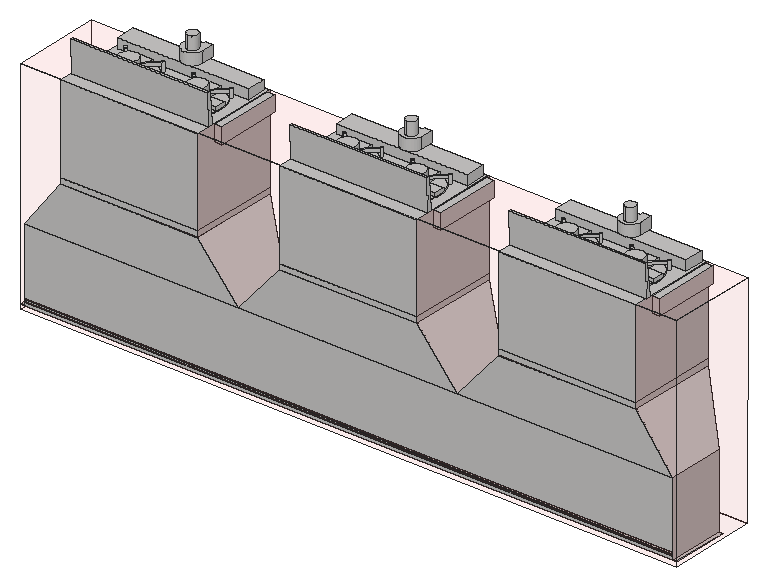
Revit family "Air-Curtain_Industrial_PoweredAire_Gas-Indirect-3Heater", category Mechanical Equipment, host Face, Revit 2025
Family settings
  Host = Face
  Round Connector Dimension = Use Diameter
  Part Type = Normal
  OmniClass Number = 23.75.35.17.21
  OmniClass Title = Air Curtains
  Cut with Voids When Loaded = No
  Maintain Annotation Orientation = No
  Shared = No
  Room Calculation Point = No
Parameters (values of type "22 ft Opening EHD 240'' Nozzle")
  topbracket [instance] = Unit Height = 1' 4 3/4"  # no
  Warranty Duration (Years) = 0
  Unit Width Notes = "Other Widths available."  # constant formula
  Unit Width = 20' - 3 3/8"
  Unit Weight = 2870
  Unit Height = 1' - 9"
  Unit Depth = 2' - 3 1/4"
  URL = "http://www.poweredaire.com/"
  Test Data = ""
  Standards Conformance = "AGA  ;  Made in USA"
  Specification = "http://www.arcat.com/sdspecs/htm04/23_34_33pai.htm"
  SpecWizard = ""
  Sound Pressure = ">71 dBA"
  Sales Information = "http://www.poweredaire.com/contact_us"
  Revision = "R1_2016-08"
  Projection from Host [instance] = 0' - 2"
  Product Properties = ""
  Product Data = "http://www.arcat.com/arcatcos/cos47/arc47623.html"
  Power Rating = 0 W
  Piping_Operating Pressure [instance] = 0.00 psi
  Pipe OD [instance] = 5/8"
  Overall Depth = 6' - 7 3/4"
  Nozzle Width = if(1 = 1, Unit Width - 0' 3", 0' 0")  # 20' - 0 3/8"
  Mounting Width = if(1 = 1, Unit Width - 0' 1 1/2", 0' 0")  # 20' - 1 7/8"
  Mounting Height [instance] = 3' - 6"
  Motor RPM = 1160
  Motor HP = 5
  Motor Count = 4
  Model = "EHD-4-240IG"
  Max Height = 22' - 0"
  Manufacturer Website = "http://www.poweredaire.com/"
  Manufacturer Phone - Toll Free = "888-321-2473"
  Manufacturer Phone = "724-588-3305"
  Manufacturer Fax = "724-588-3371"
  Manufacturer Address = "109 Mortensen Rd.  Greenville, PA 16125"
  Manufacturer = "Powered Aire, Inc"
  Maintenance Schedule (Months) = 0
  Keynote = "23 34 33"
  Installation-Fabrication = ""
  Installation Phase = ""
  Include Clearance [instance] = yes
  Heating Element Load = 0 W
  Heater Weight = 0
  Heater Hanging Width = 4' - 0 5/8"
  Heater Finish [instance] = Metal - Steel - PoweredAire - Stainless 304
  HVAC_Temperature Rise = 27 °F
  HVAC_Primary CFM = 0 CFM
  HVAC_Outlet Volume = 29100 CFM
  HVAC_Outlet Velocity Uniformity = 0.95
  HVAC_Outlet Velocity = 4400 FPM
  HVAC_Exit Temperature [instance] = 0 °F
  HVAC_BTU Output = 840000.0 Btu/h
  HVAC_BTU Input = 350000.0 Btu/h
  Green Building-LEED = "http://www.arcat.com/green/clients/leed_data_47623.html"
  Gas Connection Diameter [instance] = 0"
  Frame Finish [instance] = Metal - Steel - PoweredAire - Stainless 304
  Expected Lifespan (Years) = 0
  Exhaust Connection Diameter = 0' - 6"
  Electrical_Wattage [instance] = Power Rating + Heating Element Load  # 0 W
  Electrical_Voltage [instance] = 0 V
  Electrical_Phase [instance] = 1
  Electrical_Frequency [instance] = 0 Hz
  Electrical_Amperage [instance] = 0 A
  Drawn By = "Sumex Design, Inc. / Robert S. Weygant, CSI, CDT, SCIP"
  Description = "Powered Aire Indirect Gas Heated Industrial Air Curtain - EHD-4-240IG as Specified"
  Default Elevation = 0' - 0"  # constant formula
  Copyright = "©Arcat Inc."
  Construction Details = "http://www.arcat.com/details/powair/prod3336.html"
  Clearance_Top [instance] = 1' - 0"
  Clearance_Side B [instance] = 0' - 0"
  Clearance_Side A [instance] = 0' - 0"
  Clearance_Intake [instance] = 0' - 0"
  Clearance_Bottom [instance] = 0' - 0"
  Clearance Material [instance] = ARCAT Clearance
  Building Codes = ""
  Available Options [instance] = "as Specified"
  Assembly Code = "D3090400"
Types (5): name | Unit Width | Unit Weight | Sound Pressure | Nozzle Width | Mounting Width | Motor HP | Motor Count | Model | Max Height | HVAC_Temperature Rise | HVAC_Outlet Volume | HVAC_Outlet Velocity Uniformity | HVAC_Outlet Velocity | Description
  22 ft Opening EHD 240'' Nozzle | 20' - 3 3/8" | 2870 | ">71 dBA" | 20' - 0 3/8" | 20' - 1 7/8" | 5 | 4 | "EHD-4-240IG" | 22' - 0" | 27 °F | 29100 CFM | 0.95 | 4400 FPM | "Powered Aire Indirect Gas Heated Industrial Air Curtain - EHD-4-240IG as Specified"
  22 ft Opening EHD 228'' Nozzle | 19' - 3 3/8" | 2800 | ">71 dBA" | 19' - 0 3/8" | 19' - 1 7/8" | 5 | 4 | "EHD-4-228IG" | 22' - 0" | 27 °F | 28300 CFM | 0.94 | 4800 FPM | "Powered Aire Indirect Gas Heated Industrial Air Curtain - EHD-4-228IG as Specified"
  17 ft Opening TSD 240'' Nozzle 5 Motor | 20' - 3 1/2" | 2550 | ">69 dBA" | 20' - 0 1/2" | 20' - 2" | 3 | 5 | "TSD-5-240IG" | 17' - 0" | 34 °F | 25900 CFM | 0.951 | 3900 FPM | "Powered Aire Indirect Gas Heated Industrial Air Curtain - TSD-5-240IG as Specified"
  17 ft Opening TSD 240'' Nozzle 4 Motor | 20' - 3 3/8" | 2330 | ">69 dBA" | 20' - 0 3/8" | 20' - 1 7/8" | 3 | 4 | "TSD-4-240IG" | 17' - 0" | 38 °F | 21500 CFM | 0.863 | 3300 FPM | "Powered Aire Indirect Gas Heated Industrial Air Curtain - TSD-4-240IG as Specified"
  17 ft Opening TSD 228'' Nozzle | 19' - 3 3/8" | 2310 | ">69 dBA" | 19' - 0 3/8" | 19' - 1 7/8" | 3 | 4 | "TSD-4-228IG" | 17' - 0" | 40 °F | 20800 CFM | 0.863 | 3300 FPM | "Powered Aire Indirect Gas Heated Industrial Air Curtain - TSD-4-228IG as Specified"
Reference planes (in)
  plane 1 "Center (Elevation)": y = 0.13818
  plane 2: z = 0
  plane 3 "Center (Left/Right)": x = 0
  plane 4 "Top": y = 10.63818
  plane 5: y = -10.36182
  plane 6: x = -121.6875
  plane 7: x = 121.6875
  plane 8 "Front": z = 29.25
  plane 9 "FF": y = -41.86182
  plane 10: z = 2
  plane 11: x = 120.1875
  plane 12: x = -120.1875
  plane 13: y = 22.63818
  plane 14: y = -10.36182
  plane 15: x = -121.6875
  plane 16: x = 121.6875
  plane 17: z = 81.75
  plane 18: x = 120.125
  plane 19: x = -120.125
  plane 20: x = 120.1875
  plane 21: x = 120.1875
  plane 22: y = 8.13818
  plane 23: y = -7.86182
  plane 24: z = 81.75
  plane 25: z = 49.25
  plane 26: z = 47.25
  plane 27: x = -56.8125
  plane 28: x = -105.4375
  plane 29: x = -55.75
  plane 30: x = -106.5
  plane 31: x = 56.8125
  plane 32: x = 105.4375
  plane 33: x = 55.75
  plane 34: x = 106.5
  plane 35: x = -81.125
  plane 36: x = 81.125
  plane 37: x = -24.3125
  plane 38: x = 24.3125
  plane 39: x = -25.375
  plane 40: x = 25.375
  plane 41: x = -40.5625
  plane 42: x = 40.5625
Forms (in)
  Extrusion 1, solid, material "Metal - Steel - PoweredAire - Stainless 304" <- "Frame Finish"
    sketch origin (0, 0, 0) x (0, 1, 0) y (0, 0, 1)
      loop
        line (-10.36182, 2) -> (10.63818, 2) -> (10.63818, 29.25) -> (-10.36182, 29.25) -> (-10.36182, 2)
    from -120.1875 to 120.1875
  Extrusion 2, solid, material "ARCAT Clearance" <- "Clearance Material", visible <- "Include Clearance"
    sketch origin (0, 0, 0) x (0, 1, 0) y (0, 0, 1)
      loop
        line (-10.36182, 81.75) -> (-10.36182, 0) -> (22.63818, 0) -> (22.63818, 81.75) -> (-10.36182, 81.75)
    from -121.6875 to 121.6875
  Extrusion 3, solid, material "Metal - Steel - PoweredAire - Stainless 304" <- "Frame Finish"
    sketch origin (-15.17702, -180, 2) x (-1, 0, 0) y (0, -1, 0)
      loop
        line (-135.36452, -190.63818) -> (-135.36452, -169.63818) -> (-136.86452, -169.63818) -> (-136.86452, -190.63818) -> (-135.36452, -190.63818)
      loop
        line (105.01048, -190.63818) -> (106.51048, -190.63818) -> (106.51048, -169.63818) -> (105.01048, -169.63818) -> (105.01048, -190.63818)
    from 0 to 0.125
  Extrusion 4, solid, material "Metal - Steel - PoweredAire - Stainless 304" <- "Frame Finish", visible <- "topbracket"
    sketch origin (-11.83813, 10.63818, 48) x (-1, 0, 0) y (0, 0, 1)
      loop
        line (-132.02563, -45.5) -> (-132.02563, -42.75) -> (-133.52563, -42.75) -> (-133.52563, -45.5) -> (-132.02563, -45.5)
      loop
        line (-132.02563, -21.5) -> (-132.02563, -18.75) -> (-133.52563, -18.75) -> (-133.52563, -21.5) -> (-132.02563, -21.5)
      loop
        line (108.34937, -45.5) -> (109.84937, -45.5) -> (109.84937, -42.75) -> (108.34937, -42.75) -> (108.34937, -45.5)
      loop
        line (108.34937, -21.5) -> (109.84937, -21.5) -> (109.84937, -18.75) -> (108.34937, -18.75) -> (108.34937, -21.5)
    from 0 to -0.125
  Extrusion 5, void
    sketch origin (0, 0, 0) x (0, 1, 0) y (0, 0, 1)
      loop
        line (-10.36182, 3) -> (-9.36182, 3) -> (-9.36182, 4.5) -> (-10.36182, 4.5) -> (-10.36182, 3.82425) -> (-9.50864, 3.82425) -> (-9.50864, 3.57425) -> (-10.36182, 3.57425) -> (-10.36182, 3)
    from -120.125 to 120.125
  Blend 6, solid, material "Metal - Steel - PoweredAire - Stainless 304" <- "Frame Finish"
    base sketch origin (-15.17702, -180, 29.25) x (-1, 0, 0) y (0, -1, 0)
      loop
        line (105.01048, -190.63818) -> (105.01048, -169.63818) -> (25.38548, -169.63818) -> (25.38548, -190.63818) -> (105.01048, -190.63818)
    top sketch origin (-15.17702, -180, 29.25) x (-1, 0, 0) y (0, -1, 0)
      loop
        line (40.57298, -169.63818) -> (40.57298, -202.63818) -> (91.32298, -202.63818) -> (91.32298, -169.63818) -> (40.57298, -169.63818)
    from 0 to 18
  Blend 7, solid, material "Metal - Steel - PoweredAire - Stainless 304" <- "Frame Finish"
    base sketch origin (15.17702, -180, 29.25) x (1, 0, 0) y (0, 1, 0)
      loop
        line (105.01048, 190.63818) -> (25.38548, 190.63818) -> (25.38548, 169.63818) -> (105.01048, 169.63818) -> (105.01048, 190.63818)
    top sketch origin (15.17702, -180, 29.25) x (1, 0, 0) y (0, 1, 0)
      loop
        line (91.32298, 169.63818) -> (91.32298, 202.63818) -> (40.57298, 202.63818) -> (40.57298, 169.63818) -> (91.32298, 169.63818)
    from 0 to 18
  Blend 8, solid, material "Metal - Steel - PoweredAire - Stainless 304" <- "Frame Finish"
    base sketch origin (-61.94798, -180, 29.25) x (1, 0, 0) y (0, 1, 0)
      loop
        line (102.51048, 190.63818) -> (21.38548, 190.63818) -> (21.38548, 169.63818) -> (102.51048, 169.63818) -> (102.51048, 190.63818)
    top sketch origin (-61.94798, -180, 29.25) x (1, 0, 0) y (0, 1, 0)
      loop
        line (36.57298, 169.63818) -> (87.32298, 169.63818) -> (87.32298, 202.63818) -> (36.57298, 202.63818) -> (36.57298, 169.63818)
    from 0 to 18
Cuts and joins
  Extrusion 5 cuts Extrusion 1
Dimensions and locks (in)
  equal spacing: plane 4 "Top", plane 1 "Center (Elevation)", plane 5
  "Unit Height": plane 4 "Top" to plane 5
  "Unit Width": plane 6 to plane 7
  "Mounting Height": plane 1 "Center (Elevation)" to plane 9 "FF"
  "Projection from Host": plane 10 to level
  "Unit Depth": plane 8 "Front" to plane 10
  locked: plane 6 to plane 12 at 1.5
  locked: plane 11 to plane 7 at 1.5
  "Clearance_Side A": plane 7 to plane 16
  "Clearance_Side B": plane 15 to plane 6
  "Clearance_Top": plane 13 to plane 4 "Top"
  "Clearance_Bottom": plane 5 to plane 14
  "Clearance_Intake": plane 17 to plane 24
  Extrusion 5 sketch curve to Extrusion 5 sketch curve to Extrusion 5 sketch curve to Extrusion 5 sketch curve to plane 10 = 0' - 0.67575" locked, 0' - 0 1/4" locked, 0' - 0.57425" locked, 0' - 1" locked
  plane 5 to Extrusion 5 sketch curve to Extrusion 5 sketch curve = 0' - 0.85319" locked, 0' - 0.14681" locked
  locked: plane 19 to plane 12 at 0.0625
  locked: plane 11 to plane 18 at 0.0625
  locked: plane 20 to plane 11
  locked: plane 21 to plane 11
  locked: plane 4 "Top" to plane 22 at 2.5
  locked: plane 23 to plane 5 at 2.5
  "Overall Depth": plane 24 to plane 10
  locked: plane 25 to plane 26 at 2
  locked: plane 24 to plane 25 at 32.5
  locked: Blend 6 sketch curve to plane 5 at 33
  Extrusion 4 sketch curve to Extrusion 4 sketch curve to plane 10 = 0' - 2 3/4" locked, 0' - 0 1/2" locked  (x2)
  plane 8 "Front" to Extrusion 4 sketch curve to Extrusion 4 sketch curve = 0' - 0" locked, 0' - 2 3/4" locked  (x2)
  locked: plane 30 to plane 28 at 1.0625
  locked: plane 27 to plane 29 at 1.0625
  locked: plane 32 to plane 34 at 1.0625
  locked: plane 33 to plane 31 at 1.0625
  "Heater Hanging Width": plane 28 to plane 27
  equal spacing: plane 31, plane 36, plane 32
  "Heater Hanging Width": plane 31 to plane 32
  locked: Blend 7 sketch curve to plane 5 at 33
  locked: plane 38 to plane 40 at 1.0625
  locked: plane 39 to plane 37 at 1.0625
  equal spacing: plane 37, plane 3 "Center (Left/Right)", plane 38
  "Heater Hanging Width": plane 37 to plane 38
  equal spacing: plane 28, plane 35, plane 27
  equal spacing: plane 6, plane 35, plane 41, plane 3 "Center (Left/Right)", plane 42, plane 36, plane 7
  locked: Blend 8 sketch curve to plane 5 at 33
  aligned and locked: plane 2 to host face
  aligned and locked: level to host face
  aligned and locked: Extrusion 2 sketch curve to plane 17
  aligned and locked: plane 14 to Extrusion 2 sketch curve
  aligned and locked: level to Extrusion 2 sketch curve
  aligned and locked: Extrusion 2 sketch curve to plane 13
  aligned and locked: plane 16 to Extrusion 2
  aligned and locked: Extrusion 2 to plane 15
  aligned and locked: plane 11 to Extrusion 1
  aligned and locked: Extrusion 1 to plane 12
  aligned and locked: Extrusion 1 sketch curve to plane 8 "Front"
  aligned and locked: plane 24 to nested 1
  aligned and locked: plane 5 to Blend 6 sketch curve
  aligned and locked: plane 12 to Blend 6 sketch curve
  aligned and locked: Blend 6 sketch curve to plane 4 "Top"
  aligned and locked: Blend 6 sketch curve to plane 5
  aligned and locked: plane 26 to Blend 6
  aligned and locked: plane 35 to nested 1
  aligned and locked: plane 36 to nested 2
  aligned and locked: nested 2 to plane 24
  aligned and locked: plane 5 to Blend 7 sketch curve
  aligned and locked: plane 11 to Blend 7 sketch curve
  aligned and locked: Blend 7 sketch curve to plane 4 "Top"
  aligned and locked: plane 33 to Blend 7 sketch curve
  aligned and locked: Blend 7 sketch curve to plane 5
  aligned and locked: Blend 7 sketch curve to plane 34
  aligned and locked: plane 18 to cut or joined group of Extrusion 1, Extrusion 5
  aligned and locked: cut or joined group of Extrusion 1, Extrusion 5 to plane 19
  aligned and locked: plane 3 "Center (Left/Right)" to nested 3
  aligned and locked: plane 24 to nested 3
  aligned and locked: Blend 6 sketch curve to plane 41
  aligned and locked: Blend 7 sketch curve to plane 42
  aligned and locked: plane 30 to Blend 6 sketch curve
  aligned and locked: Blend 6 sketch curve to plane 29
  aligned and locked: Blend 8 sketch curve to plane 41
  aligned and locked: plane 42 to Blend 8 sketch curve
  aligned and locked: Blend 8 sketch curve to plane 5
  aligned and locked: Blend 8 sketch curve to plane 4 "Top"
  aligned and locked: Blend 8 sketch curve to plane 39
  aligned and locked: plane 40 to Blend 8 sketch curve
  aligned and locked: plane 26 to Blend 8
Automatic sketch dimensions
  host sketch curve to host sketch curve = 8' - 0"  (x2)
  Extrusion 1 sketch curve to plane 5 = 0' - 0"
  Extrusion 1 sketch curve to plane 4 "Top" = 0' - 0"
  Extrusion 1 sketch curve to plane 10 = 0' - 0"
  plane 4 "Top" to Extrusion 3 sketch curve = 0' - 0"
  Extrusion 3 sketch curve to plane 7 = 0' - 0"
  plane 5 to Extrusion 3 sketch curve = 0' - 0"
  Extrusion 3 sketch curve to plane 11 = 0' - 0"
  Extrusion 3 sketch curve to plane 4 "Top" = 0' - 0"
  Extrusion 3 sketch curve to plane 12 = 0' - 0"
  Extrusion 3 sketch curve to plane 6 = 0' - 0"
  Extrusion 3 sketch curve to plane 5 = 0' - 0"
  Extrusion 4 sketch curve to plane 7 = 0' - 0"  (x2)
  Extrusion 4 sketch curve to plane 11 = 0' - 0"  (x2)
  Extrusion 4 sketch curve to plane 12 = 0' - 0"  (x2)
  Extrusion 4 sketch curve to plane 6 = 0' - 0"  (x2)
  Extrusion 5 sketch curve to plane 5 = 0' - 0"  (x2)
  Blend 8 sketch curve to plane 5 = 0' - 0"
Nested families (in)
  nested 1: "Heater" at (-81.125, -10.36182, 49.2987) x (1, 0, 0) z (0, 1, 0), finish <- "Heater Finish", burner width <- "Heater Hanging Width", type "Heater"
    with finish Metal - Steel - PoweredAire - Stainless 304, burner width 4' - 0 5/8", Two Fan yes, One Fan no
  nested 2: "Heater" at (81.125, -10.36182, 49.2987) x (1, 0, 0) z (0, 1, 0), finish <- "Heater Finish", burner width <- "Heater Hanging Width", type "Heater"
    with finish Metal - Steel - PoweredAire - Stainless 304, burner width 4' - 0 5/8", Two Fan yes, One Fan no
  nested 3: "Heater" at (0, -10.36182, 49.2987) x (1, 0, 0) z (0, 1, 0), finish <- "Heater Finish", burner width <- "Heater Hanging Width", type "Heater"
    with finish Metal - Steel - PoweredAire - Stainless 304, burner width 4' - 0 5/8", Two Fan yes, One Fan no
Connectors (in)
  electrical at (-120.1875, 0.13818, 15.625), driven by "Electrical_Voltage", driven by "Electrical_Phase"
    settings: on cut or joined group of Extrusion 1, Extrusion 5, index 3, voltage 0 V, apparent load 0 VA, apparent load phase1 0 VA, apparent load phase2 0 VA, apparent load phase3 0 VA, power factor 1, load classification "Motor", number of poles 1, system type 31, power factor state 1, is connector primary yes, connector utility no, sub classification motor no, connector description ""
  hvac at (-78.125, 22.63818, 87.40625), driven by "Exhaust Connection Diameter", driven by "HVAC_Primary CFM"
    settings: on nested 1, index 4, duct flow 0 CFM, flow factor 0, pres drop 0.00 in-wg, loss coef 0, conn angle 0.00°, conn width 12", conn height 12", conn diameter 6", duct sys type 3, conn prof type 0, flow config 0, flow direction 2, loss method 0, conn ref index -1, conn util no, is conn primary yes, conn desc ""
  hvac at (84.125, 22.63818, 87.40625), driven by "HVAC_Primary CFM", driven by "Exhaust Connection Diameter"
    settings: on nested 2, index 5, duct flow 0 CFM, flow factor 0, pres drop 0.00 in-wg, loss coef 0, conn angle 0.00°, conn width 12", conn height 12", conn diameter 6", duct sys type 3, conn prof type 0, flow config 0, flow direction 2, loss method 0, conn ref index -1, conn util no, is conn primary no, conn desc ""
  hvac at (3, 22.63818, 87.40625), driven by "HVAC_Primary CFM", driven by "Exhaust Connection Diameter"
    settings: on nested 3, index 6, duct flow 0 CFM, flow factor 0, pres drop 0.00 in-wg, loss coef 0, conn angle 0.00°, conn width 12", conn height 12", conn diameter 6", duct sys type 3, conn prof type 0, flow config 0, flow direction 2, loss method 0, conn ref index -1, conn util no, is conn primary no, conn desc ""
Definition of nested family "Heater"
  Parameters
    finish [instance] = none
    burner width [instance] = 4' - 0 5/8"
    burner depth = 3' - 8 3/4"
    Two Fan [instance] = burner width > 4' 0"  # yes
    One Fan [instance] = burner width < 4' 0"  # no
    Default Elevation = 0' - 0"  # constant formula
  Reference planes (in)
    plane 1 "Center (Front/Back)": y = 0
    plane 2: z = 0
    plane 3 "Center (Left/Right)": x = 0
    plane 4: x = -25.375
    plane 5: x = 25.375
    plane 6: z = 33
    plane 7: y = -44.75
    plane 8: x = 3
    plane 9: x = 4.375
    plane 10: x = -12.6875
    plane 11: x = 12.6875
    plane 12: z = 15.5
    plane 13: x = -24.3125
    plane 14: x = 24.3125
  Forms (in)
    Extrusion 1, solid, material <- "finish"
      sketch origin (-74.94554, -3, 38.65968) x (0, 0, 1) y (1, 0, 0)
        loop
          line (-5.65968, 49.57054) -> (-5.65968, 100.32054) -> (-38.65968, 100.32054) -> (-38.65968, 49.57054) -> (-5.65968, 49.57054)
      from 3 to -29.4513
    Extrusion 2, solid, material <- "finish"
      sketch origin (0, 0, 0) x (0, 1, 0) y (0, 0, 1)
        loop
          line (2, 0) -> (2, 33) -> (0, 33) -> (0, 0) -> (2, 0)
      from -25.375 to 25.375
    Extrusion 3, solid, material <- "finish"
      sketch origin (-74.94554, -32.4513, 38.65968) x (0, 0, 1) y (1, 0, 0)
        loop
          line (-6.91591, 50.82971) -> (-6.91591, 99.10844) -> (-13.91591, 99.10844) -> (-13.91591, 50.82971) -> (-6.91591, 50.82971)
      from 0 to -3.625
    Extrusion 4, solid, material <- "finish"
      sketch origin (-74.94554, -36.0763, 38.65968) x (0, 0, 1) y (1, 0, 0)
        loop
          arc (-10.4052, 79.32054) -> (-12.67312, 72.60509) -> (-6.79809, 76.57054) r 3.74068
          line (-6.79809, 76.57054) -> (-5.65968, 76.57054) -> (-5.65968, 79.32054) -> (-10.4052, 79.32054)
      from 0 to -4.0625
    Extrusion 5, solid, material <- "finish"
      sketch origin (-73.58006, -40.1388, 35.52564) x (0, 0, -1) y (1, 0, 0)
        loop
          circle (7.27116, 74.21438) r 2
      from 4.6112 to 0
    Extrusion 6, solid, material <- "finish"
      sketch origin (0, 0, 0) x (1, 0, 0) y (0, 1, 0)
        loop
          line (28.3125, -32.4513) -> (28.3125, -26.7013) -> (25.3125, -26.7013) -> (25.3125, -32.4513) -> (28.3125, -32.4513)
      from 7.25 to 31.75
    Extrusion 7, solid, material <- "finish", visible <- "Two Fan"
      sketch origin (0, 0, 0) x (0, 1, 0) y (0, 0, 1)
        loop
          line (-32.4513, 6.22268) -> (-44.15658, 5.1986) -> (-44.15658, 4.4486) -> (-32.4513, 4.85736) -> (-32.4513, 6.22268)
      from -25.375 to 25.375
  Dimensions and locks (in)
    locked: Extrusion 4 sketch curve to Extrusion 4 sketch curve at 2.75
    "burner width": plane 13 to plane 14
    locked: plane 6 to level at 33
    "burner depth": plane 7 to plane 1 "Center (Front/Back)"
    locked: plane 8 to plane 9 at 1.375
    Extrusion 4 sketch curve to Extrusion 4 sketch curve to plane 8 = 0' - 0.99068" locked, 0' - 1 3/8" locked
    locked: Extrusion 5 sketch curve to plane 8 at 2.36568
    locked: plane 8 to plane 3 "Center (Left/Right)" at 3
    Extrusion 6 sketch curve to plane 5 to Extrusion 6 sketch curve = 0' - 0 1/16" locked, 0' - 2 15/16" locked
    equal spacing: plane 5, plane 11, plane 3 "Center (Left/Right)", plane 10, plane 4
    locked: plane 4 to plane 13 at 1.0625
    locked: plane 14 to plane 5 at 1.0625
    aligned and locked: plane 2 to level
    aligned: Extrusion 4 to Extrusion 5
    aligned: Extrusion 3 to Extrusion 2  (x2)
    aligned and locked: plane 7 to Extrusion 5
    aligned and locked: plane 4 to Extrusion 1 sketch curve
    aligned and locked: Extrusion 1 sketch curve to plane 5
    aligned and locked: Extrusion 7 to plane 4
    aligned and locked: plane 5 to Extrusion 7
    aligned and locked: plane 12 to nested 1
    aligned and locked: plane 3 "Center (Left/Right)" to nested 1
    aligned and locked: plane 12 to nested 3
    aligned and locked: plane 11 to nested 3
    aligned and locked: plane 10 to nested 2
    aligned and locked: plane 12 to nested 2
    aligned and locked: plane 5 to Extrusion 2
    aligned and locked: Extrusion 2 to plane 4
  Automatic sketch dimensions
    Extrusion 1 to Extrusion 3 sketch curve = 0' - 1.25917"
    Extrusion 1 to Extrusion 3 sketch curve = 0' - 8.25624"
    Extrusion 1 to Extrusion 3 sketch curve = 0' - 1.2121"
    Extrusion 1 to Extrusion 3 sketch curve = 0' - 1.25624"
    Extrusion 4 sketch curve to Extrusion 3 = 0' - 0.11782"
    Extrusion 4 sketch curve to Extrusion 3 = 0' - 1.25624"
    Extrusion 5 sketch curve to Extrusion 4 = 0' - 4.74552"
    Extrusion 1 sketch curve to level = 0' - 0"
    Extrusion 1 sketch curve to plane 6 = 0' - 0"
    Extrusion 2 sketch curve to level = 0' - 0"
    Extrusion 2 sketch curve to plane 1 "Center (Front/Back)" = 0' - 0"
    Extrusion 2 sketch curve to plane 6 = 0' - 0"
    Extrusion 2 sketch curve to Extrusion 2 sketch curve = 0' - 2"
    Extrusion 6 sketch curve to plane 7 = 1' - 0.2987"
    Extrusion 6 sketch curve to Extrusion 6 sketch curve = 0' - 5 3/4"
    Extrusion 7 sketch curve to plane 7 = 0' - 0.59342"
    level to Extrusion 7 sketch curve = 0' - 4.4486"
    Extrusion 7 sketch curve to Extrusion 7 sketch curve = 0' - 0 3/4"
    level to Extrusion 7 sketch curve = 0' - 4.85736"
    Extrusion 7 sketch curve to Extrusion 7 sketch curve = 0' - 11.70529"
    Extrusion 7 sketch curve to Extrusion 7 sketch curve = 0' - 1.36532"
    radius of Extrusion 5 sketch curve = 0' - 2"
  Nested families (in)
    nested 1: "FanControls" at (0, -32.4513, 15.5) x (1, 0, 0) z (0, -1, 0), finish <- "finish", visible <- "One Fan", type "FanControls"
      with finish none
    nested 2: "FanControls" at (-12.6875, -32.4513, 15.5) x (1, 0, 0) z (0, -1, 0), finish <- "finish", visible <- "Two Fan", type "FanControls"
      with finish none
    nested 3: "FanControls" at (12.6875, -32.4513, 15.5) x (1, 0, 0) z (0, -1, 0), finish <- "finish", visible <- "Two Fan", type "FanControls"
      with finish none
  Definition of nested family "FanControls"
    Parameters
      finish [instance] = none
      Default Elevation = 4' - 0"
    Reference planes (in)
      plane 1 "Center (Front/Back)": y = 0
      plane 2: z = 0
      plane 3 "Center (Left/Right)": x = 0
    Forms (in)
      Extrusion 1, solid, material <- "finish"
        sketch origin (-75.00804, 32.07233, 0) x (1, 0, 0) y (0, -1, 0)
          loop
            circle (75.00804, 32.07233) r 3.25
        from -5.33075 to 0
      Extrusion 2, solid, material <- "finish"
        sketch origin (24.44581, -78.06044, 0) x (1, 0, 0) y (0, -1, 0)
          loop
            line (-22.50831, -86.58776) -> (-22.50831, -81.58776) -> (-26.50831, -81.58776) -> (-26.50831, -86.58776) -> (-22.50831, -86.58776)
          loop
            line (-22.50831, -69.53312) -> (-26.50831, -69.53312) -> (-26.50831, -74.53312) -> (-22.50831, -74.53312) -> (-22.50831, -69.53312)
          loop
            line (-15.98099, -76.06044) -> (-20.98099, -76.06044) -> (-20.98099, -80.06044) -> (-15.98099, -80.06044) -> (-15.98099, -76.06044)
          loop
            line (-33.03563, -76.06044) -> (-33.03563, -80.06044) -> (-28.03563, -80.06044) -> (-28.03563, -76.06044) -> (-33.03563, -76.06044)
        from 0 to -1.37288
      Extrusion 3, solid, material <- "finish"
        sketch origin (-75.00804, 21.40968, 0) x (1, 0, 0) y (0, -1, 0)
          loop
            line (68.02536, 14.95733) -> (68.55569, 14.427) -> (75.00804, 20.87935) -> (81.46039, 14.427) -> (81.99072, 14.95733) -> (75.53837, 21.40968) -> (81.99072, 27.86203) -> (81.46039, 28.39236) -> (75.00804, 21.94001) -> (68.55569, 28.39236) -> (68.02536, 27.86203) -> (74.47771, 21.40968) -> (68.02536, 14.95733)
        from -3.1123 to -2
      Extrusion 4, solid, material <- "finish"
        sketch origin (-75.00804, 21.40968, 0) x (1, 0, 0) y (0, -1, 0)
          loop
            line (68.02536, 13.89667) -> (68.55569, 14.427) -> (68.02536, 14.95733) -> (67.49503, 14.427) -> (68.02536, 13.89667)
          loop
            line (82.52105, 14.427) -> (81.99072, 14.95733) -> (81.46039, 14.427) -> (81.99072, 13.89667) -> (82.52105, 14.427)
          loop
            line (81.99072, 28.92269) -> (81.46039, 28.39236) -> (81.99072, 27.86203) -> (82.52105, 28.39236) -> (81.99072, 28.92269)
          loop
            line (67.49503, 28.39236) -> (68.02536, 27.86203) -> (68.55569, 28.39236) -> (68.02536, 28.92269) -> (67.49503, 28.39236)
        from 0 to -3.1123
      Extrusion 5, solid, material <- "finish"
        sketch origin (0, 0, 0) x (1, 0, 0) y (0, 1, 0)
          loop
            circle (0, 0) r 9
        from 0 to 0.14961
    Dimensions and locks (in)
      Extrusion 4 sketch curve to Extrusion 4 sketch curve to Extrusion 4 sketch curve to Extrusion 4 sketch curve = 0' - 0.53033" locked, 0' - 0" locked, 0' - 0.53033" locked  (x4)
      Extrusion 3 sketch curve to Extrusion 3 sketch curve to Extrusion 3 sketch curve to Extrusion 3 sketch curve to Extrusion 3 sketch curve = 0' - 5.92202" locked, 0' - 0" locked, 0' - 0.53033" locked, 0' - 0" locked
      Extrusion 3 sketch curve to Extrusion 3 sketch curve to Extrusion 3 sketch curve to Extrusion 3 sketch curve to Extrusion 3 sketch curve = 0' - 0" locked, 0' - 0.53033" locked, 0' - 0" locked, 0' - 5.92202" locked
      locked: Extrusion 2 sketch curve to Extrusion 2 sketch curve at 5  (x2)
      aligned and locked: plane 2 to level
